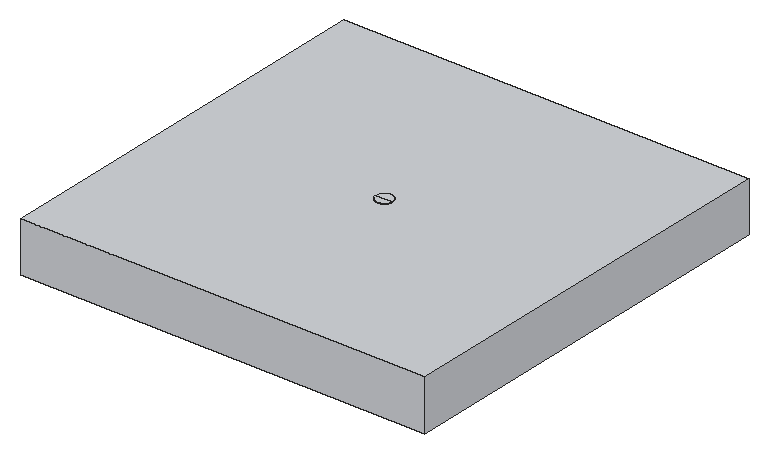
Revit family "Dreno de chuveiro - Redondo", category Peças hidrossanitárias, Revit 2019
Family settings
  Hospedeiro = Face
  Cota do conector redondo = Usar raio
  Tipo de parte = Normal
  Corte com vazios quando carregada = Não
  Compartilhado = Não
  Ponto de cálculo do ambiente = Não
Parameters (values of type "100mm Filtro - 40mm Dreno")
  WFU = 1.1
  Material do filtro = none
  Raio do sanitário = 20 mm
  Diâmetro do sanitário = Raio do sanitário * 2  # 40 mm
  Raio 2 = 50 mm
  Raio 1 = 43.678 mm
  Comprimento da tubulação = 70 mm
  Altura da tubulação = 30 mm
  HWFU = 0
  Altura do dreno = 70 mm
  Material da drenagem = none
  Default Elevation = 0.00 mm
  CWFU = 0
Reference planes
  plane 1 "Centro (Frente/Trás)": y = 0
  plane 2: z = 0
  plane 3 "Centro (Esquerda/Direita)": x = 0
  plane 4: z = -10
  plane 5: z = -70
  plane 6: x = -43.678
  plane 7: x = -50
Forms (mm)
  Extrusion 1, solid
    sketch origin (0, 0, 0) x (1, 0, 0) y (0, 1, 0)
      loop
        line (-1219.2, 1219.2) -> (-1219.2, -1219.2) -> (1219.2, -1219.2) -> (1219.2, 1219.2) -> (-1219.2, 1219.2)
    from 0 to -304.8
  Revolve 2, solid, material <- "Material da drenagem", detail levels fine
    sketch origin (0, 0, 8.626) x (1, 0, 0) y (0, 0, 1)
      loop
        line (0, -78.626) -> (0, -18.626) -> (-43.678, -18.626) -> (-43.678, -78.626) -> (0, -78.626)
      axis (0, -78.626) -> (0, -18.626)
    angle from 0 to 360
  Revolve 3, solid, material <- "Material da drenagem", detail levels fine
    sketch origin (0, 0, 0) x (1, 0, 0) y (0, 0, 1)
      loop
        line (0, -40) -> (70, -40) -> (70, -20) -> (0, -20) -> (0, -40)
      axis (0, -40) -> (70, -40)
    angle from 0 to 360
  Revolve 4, solid, material <- "Material do filtro", detail levels fine
    sketch origin (0, 0, 0) x (1, 0, 0) y (0, 0, 1)
      loop
        line (-50, 0) -> (-50, -10) -> (0, -10) -> (0, 0) -> (-50, 0)
      axis (0, 0) -> (0, -10)
    angle from 0 to 360
Cuts and joins
  joined: Revolve 2, Revolve 3
Lines and regions (mm)
  reference lines
    curve 1: line (0, 0, -40) -> (70, 0, -40)
  model lines, detail levels coarse+medium
    curve 2: circle (0, 0, -40) r 50 normal (0, 0, 1)
    curve 3: line (50, 0, -40) -> (70, 0, -40)
    curve 4: line (70, 0, -40) -> (70, 20, -40)
    curve 5: line (70, 0, -40) -> (70, -20, -40)
Dimensions and locks
  "Altura da tubulação": curve 1 to plane 5
  "Comprimento da tubulação": curve 1 to plane 3 "Centro (Esquerda/Direita)"
  "Raio 1": plane 6 to plane 3 "Centro (Esquerda/Direita)"
  "Altura do dreno": Extrusion 1 to plane 5
  "Raio 2": plane 7 to plane 3 "Centro (Esquerda/Direita)"
  "Raio do sanitário": Revolve 3 sketch curve to Revolve 3 sketch curve
  aligned and locked: plane 2 to Extrusion 1
  aligned and locked: level to Extrusion 1
  aligned and locked: Revolve 2 sketch curve to plane 4
  aligned and locked: Revolve 2 sketch curve to plane 5
  aligned and locked: Revolve 2 sketch curve to plane 6
  aligned and locked: plane 3 "Centro (Esquerda/Direita)" to curve 1
  aligned and locked: Revolve 3 sketch curve to curve 1  (x3)
  aligned and locked: Revolve 3 sketch curve to plane 3 "Centro (Esquerda/Direita)"
  aligned and locked: Revolve 2 sketch curve to plane 3 "Centro (Esquerda/Direita)"
  aligned and locked: Revolve 4 sketch curve to level
  aligned and locked: Revolve 4 sketch curve to plane 7
  aligned and locked: Revolve 4 sketch curve to cut or joined group of Revolve 2, Revolve 3
  aligned and locked: Revolve 4 sketch curve to plane 3 "Centro (Esquerda/Direita)"
  aligned and locked: Revolve 4 sketch curve to Revolve 4 sketch curve
Automatic sketch dimensions
  Extrusion 1 sketch curve to Extrusion 1 sketch curve = 2438.40 mm  (x2)
  Revolve 3 sketch curve to plane 3 "Centro (Esquerda/Direita)" = 0.00 mm
  Revolve 3 sketch curve to Revolve 3 sketch curve = 0.00 mm  (x2)
  plane 1 "Centro (Frente/Trás)" to curve 2 = 0.00 mm
  curve 2 to plane 3 "Centro (Esquerda/Direita)" = 0.00 mm
  plane 1 "Centro (Frente/Trás)" to curve 3 = 0.00 mm
  curve 3 to curve 4 = 20.00 mm  (x2)
  plane 1 "Centro (Frente/Trás)" to curve 5 = 20.00 mm
  Revolve 2 sketch curve to plane 3 "Centro (Esquerda/Direita)" = 0.00 mm
  Revolve 2 sketch curve to Revolve 2 sketch curve = 0.976 mm
  plane 4 to Revolve 2 sketch curve = 2.024 mm
  Revolve 4 sketch curve to level = 0.00 mm
  Revolve 4 sketch curve to plane 4 = 0.00 mm
  radius of curve 2 = 50.00 mm
Connectors
  piping at (70, 0, -40), diameter 40, driven by "Raio do sanitário", driven by "WFU"
    settings: on Revolve 3, index 1, connector inside diameter 40 mm, connector length 0.00 mm, flow factor 0, pipe flow 0 GPM, pressure drop 0.00 psi, fitting loss kfactor 0, connector angle 0.00°, fixture units 1.1, engagement length 0.00 mm, angle of deflection 0.00°, flow configuration 3, flow direction 2, fitting loss method 0, system type 16, joint type 0, gender type 0, connector reference index -1, connector utility 0, adjustable connector no, is connector primary yes, connector description ""
